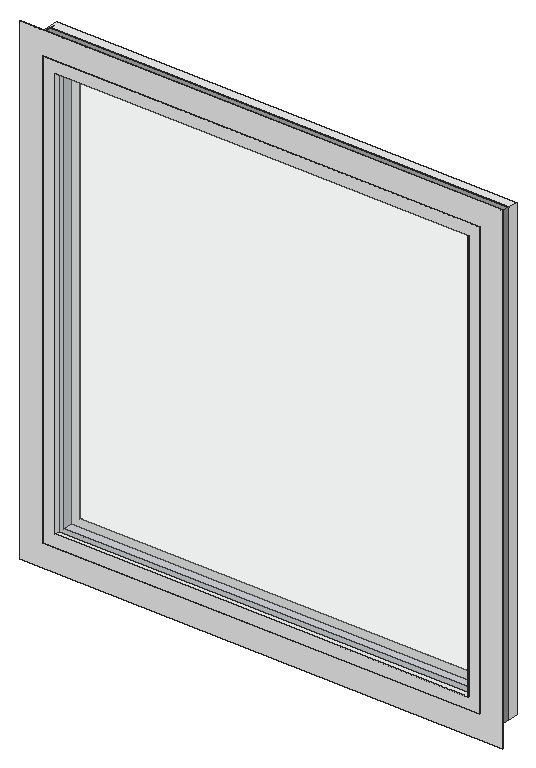
Revit family "Edge_TB42_B_Side_Hung_Custom", category Windows, host Wall, Revit 2014
Parameters (values of type "Casement_Sash_DG")
  Width Sash [instance] = 30 mm
  Width Sash Inner = 15 mm
  Width Bead = 15 mm
  Top Hung [instance] = yes
  Thermal Break Material = Rubber, Black
  Thermal Break Length = 16 mm
  Side Hung Right [instance] = yes
  Side Hung Left [instance] = yes
  Sash Opening Width [instance] = 600 mm
  Sash Opening Height [instance] = 600 mm
  Sash Lip = 15 mm
  Sash Leg [instance] = (Depth Sash - Thermal Break Length) / 2  # 13 mm
  SG Bead Leg = 6.683 mm
  Glazing Material [instance] = Glass
  Glazing Offset = 5 mm
  DG Start Piece 2 [instance] = DG End Piece 1 + DG Gasket Thickness  # 24.158 mm
  DG Start Peice 1 [instance] = ((Depth Sash - (2 * DG Glazing Thickness) - DG Gasket Thickness) / 2) - (SG Bead Leg - Aluminium Thickness) / 2  # 5.758 mm
  DG Glazing Thickness [instance] = 6.4 mm
  DG Gasket Thickness = 12 mm  # constant formula
  DG Gasket Material [instance] = none
  Depth Sash [instance] = 42 mm
  DG End Piece 2 [instance] = DG Start Piece 2 + DG Glazing Thickness  # 30.558 mm
  DG End Piece 1 [instance] = DG Start Peice 1 + DG Glazing Thickness  # 12.158 mm
  Center Vertical Sash [instance] = Sash Opening Height / 2  # 300 mm
  Center Horizontal Sash [instance] = Sash Opening Width / 2  # 300 mm
  Bottom Hung [instance] = yes
  Bead Offset = 15 mm
  Aluminium Thickness = 1 mm
  Aluminium Material [instance] = White Powder Coated Aluminium
Reference planes
  plane 1 "Center (Front/Back)": y = 0
  plane 2: z = 0
  plane 3 "Center (Left/Right)": x = 0
Forms (mm)
  Sweep 1, solid, material "White Powder Coated Aluminium" <- "Aluminium Material"
    path origin (16.177, 0, 121.331) x (1, 0, 0) y (0, 0, 1)
      loop
        line (0, 0) -> (600, 0) -> (600, 600) -> (0, 600) -> (0, 0)
    profile origin (316.177, 0, 121.331) x (0, 0, 1) y (0, -1, 0)
      loop
        line (0, 0) -> (30, 0) -> (30, 1) -> (15, 1) -> (15, 13) -> (14, 13) -> (14, 1) -> (1, 1) -> (1, 13) -> (0, 13) -> (0, 0)
      loop
        line (15, 42) -> (-15, 42) -> (-15, 41) -> (0, 41) -> (0, 29) -> (1, 29) -> (1, 41) -> (14, 41) -> (14, 29) -> (15, 29) -> (15, 42)
  Sweep 2, solid, material "White Powder Coated Aluminium" <- "Aluminium Material"
    path origin (0, 0, 0) x (1, 0, 0) y (0, 0, 1)
      loop
        line (31.177, 706.331) -> (31.177, 136.331) -> (601.177, 136.331) -> (601.177, 706.331) -> (31.177, 706.331)
    profile origin (316.177, 0, 706.331) x (0, 0, 1) y (0, -1, 0)
      loop
        line (0, 41) -> (0, 42) -> (-15, 42) -> (-15, 35.317) -> (-14, 35.317) -> (-14, 41) -> (0, 41)
  Extrusion 3, solid, material "Glass" <- "Glazing Material"
    sketch origin (0, 0, 0) x (1, 0, 0) y (0, 0, 1)
      loop
        line (36.177, 701.331) -> (36.177, 141.331) -> (596.177, 141.331) -> (596.177, 701.331) -> (36.177, 701.331)
    from 5.758 <- "DG Start Peice 1" to 12.158 <- "DG End Piece 1"
  Extrusion 4, solid, material "Glass" <- "Glazing Material"
    sketch origin (0, 0, 0) x (1, 0, 0) y (0, 0, 1)
      loop
        line (36.177, 701.331) -> (36.177, 141.331) -> (596.177, 141.331) -> (596.177, 701.331) -> (36.177, 701.331)
    from 30.558 <- "DG End Piece 2" to 24.158 <- "DG Start Piece 2"
  Sweep 5, solid, material <- "DG Gasket Material"
    path origin (0, -12.158, 0) x (1, 0, 0) y (0, 0, 1)
      loop
        line (36.177, 701.331) -> (36.177, 141.331) -> (596.177, 141.331) -> (596.177, 701.331) -> (36.177, 701.331)
    profile origin (316.177, -12.158, 701.331) x (0, 0, 1) y (0, -1, 0)
      loop
        line (0, 0) -> (0, 12) -> (-7.96, 12) -> (-7.96, 0) -> (0, 0)
  Sweep 6, solid, material "Rubber, Black" <- "Thermal Break Material"
    path origin (16.177, -13, 121.331) x (1, 0, 0) y (0, 0, 1)
      loop
        line (-15, 615) -> (-15, -15) -> (615, -15) -> (615, 615) -> (-15, 615)
    profile origin (316.177, -13, 736.331) x (0, 0, 1) y (0, -1, 0)
      loop
        line (-15, 16) -> (-16, 16) -> (-16, 0) -> (-15, 0) -> (-15, 16)
      loop
        line (-29, 16) -> (-30, 16) -> (-30, 0) -> (-29, 0) -> (-29, 16)
Lines and regions (mm)
  model lines
    curve 1: line (1.177, -42, 736.331) -> (31.177, -42, 706.331)
    curve 2: line (601.177, -42, 706.331) -> (631.177, -42, 736.331)
    curve 3: line (601.177, -42, 136.331) -> (631.177, -42, 106.331)
    curve 4: line (1.177, -42, 106.331) -> (31.177, -42, 136.331)
    curve 5: line (631.177, -41, 736.331) -> (616.177, -41, 721.331)
    curve 6: line (1.177, -41, 736.331) -> (16.177, -41, 721.331)
    curve 7: line (1.177, -41, 106.331) -> (16.177, -41, 121.331)
    curve 8: line (631.177, -41, 106.331) -> (616.177, -41, 121.331)
    curve 9: line (616.177, 0, 121.331) -> (586.177, 0, 151.331)
    curve 10: line (46.177, 0, 151.331) -> (16.177, 0, 121.331)
    curve 11: line (616.177, 0, 721.331) -> (586.177, 0, 691.331)
    curve 12: line (46.177, 0, 691.331) -> (16.177, 0, 721.331)
    curve 13: line (31.177, -42, 691.331) -> (46.177, -42, 691.331)
    curve 14: line (586.177, -42, 691.331) -> (601.177, -42, 691.331)
    curve 15: line (586.177, -42, 151.331) -> (601.177, -42, 151.331)
    curve 16: line (31.177, -42, 151.331) -> (46.177, -42, 151.331)
  model lines, style "GenericModelHiddenLines", visible <- "Top Hung"
    curve 17: line (46.386, -30.558, 690.602) -> (316.177, -30.558, 151.331)
    curve 18: line (316.177, -30.558, 151.331) -> (586.177, -30.558, 691.018)
  model lines, style "GenericModelHiddenLines", visible <- "Bottom Hung"
    curve 19: line (46.177, -30.558, 151.331) -> (316.177, -30.558, 691.018)
    curve 20: line (316.177, -30.558, 691.018) -> (586.177, -30.558, 151.331)
  model lines, style "GenericModelHiddenLines", visible <- "Side Hung Left"
    curve 21: line (46.386, -30.558, 690.602) -> (585.24, -30.558, 421.331)
    curve 22: line (585.24, -30.558, 421.331) -> (46.177, -30.558, 151.331)
  model lines, style "GenericModelHiddenLines", visible <- "Side Hung Right"
    curve 23: line (586.177, -30.558, 691.018) -> (46.177, -30.558, 421.331)
    curve 24: line (46.177, -30.558, 421.331) -> (586.177, -30.558, 151.331)
Dimensions and locks
  "Aluminium Thickness": Sweep 1 sketch curve to Sweep 1 sketch curve  (x6)
  "Depth Sash": Sweep 1 sketch curve to Sweep 1 sketch curve
  "Sash Opening Width": Sweep 1 to Sweep 1
  "Sash Opening Height": Sweep 1 to Sweep 1
  "Width Sash": Sweep 1 sketch curve to Sweep 1 sketch curve  (x2)
  "Width Sash Inner": Sweep 1 sketch curve to Sweep 1 sketch curve
  "Sash Lip": Sweep 1 sketch curve to Sweep 1 sketch curve
  "Glazing Offset": Sweep 2 to Extrusion 3 sketch curve  (x3)
  "Glazing Offset": Extrusion 3 sketch curve to Sweep 2
  Sweep 1 to Sweep 1 = 1 mm
  "Width Bead": Sweep 2 sketch curve to Sweep 2 sketch curve
  locked: Sweep 5 sketch curve to Sweep 5 sketch curve at 7.96
  "Center Horizontal Sash": Sweep 1 to curve 18
  "Center Horizontal Sash": Sweep 1 to curve 20
  "Center Vertical Sash": Sweep 1 to curve 22
  "Center Vertical Sash": Sweep 1 to curve 24
  "Sash Leg": Sweep 1 sketch curve to Sweep 1 sketch curve
  "Aluminium Thickness": Sweep 2 sketch curve to Sweep 2 sketch curve  (x2)
  "SG Bead Leg": Sweep 2 sketch curve to Sweep 2 sketch curve
  aligned and locked: level to plane 2
  aligned and locked: Sweep 1 sketch curve to Sweep 1 sketch curve  (x3)
  aligned and locked: Sweep 2 sketch curve to Sweep 1  (x4)
  aligned and locked: Sweep 1 to Sweep 2 sketch curve  (x2)
  aligned and locked: Extrusion 4 sketch curve to Extrusion 3  (x4)
  aligned and locked: Sweep 5 sketch curve to Extrusion 3  (x5)
  aligned and locked: Extrusion 3 to Sweep 5 sketch curve
  aligned and locked: Sweep 6 sketch curve to Sweep 1  (x10)
  aligned and locked: Sweep 1 to Sweep 6 sketch curve  (x2)
Automatic sketch dimensions
  plane 3 "Center (Left/Right)" to Sweep 1 sketch curve = 16.177 mm
  level to Sweep 1 sketch curve = 121.331 mm
  plane 3 "Center (Left/Right)" to Sweep 1 sketch curve = 616.177 mm
  level to Sweep 1 sketch curve = 721.331 mm
  profile plane to Sweep 5 sketch curve = 12 mm
  curve 7 to Sweep 1 = 0 mm  (x4)
  curve 6 to Sweep 1 = 0 mm  (x3)
  Sweep 1 to curve 6 = 0 mm
  curve 5 to Sweep 1 = 0 mm  (x3)
  curve 8 to Sweep 1 = 0 mm  (x4)
  Sweep 1 to curve 5 = 0 mm
  curve 16 to Sweep 2 = 0 mm  (x3)
  curve 13 to Sweep 2 = 0 mm  (x3)
  curve 15 to Sweep 2 = 0 mm
  Sweep 2 to curve 15 = 0 mm  (x2)
  curve 14 to Sweep 2 = 0 mm  (x2)
  Sweep 2 to curve 14 = 0 mm
  curve 1 to Sweep 1 = 0 mm  (x4)
  curve 4 to Sweep 1 = 0 mm  (x4)
  curve 2 to Sweep 1 = 0 mm  (x4)
  curve 3 to Sweep 1 = 0 mm  (x2)
  Sweep 1 to curve 3 = 0 mm  (x2)
  curve 10 to Sweep 1 = 0 mm  (x4)
  curve 12 to Sweep 1 = 0 mm  (x2)
  Sweep 1 to curve 12 = 0 mm  (x2)
  curve 11 to Sweep 1 = 0 mm  (x4)
  curve 9 to Sweep 1 = 0 mm  (x4)
  profile plane to Sweep 1 sketch curve = 0 mm  (x2)
  Sweep 1 sketch curve to plane 1 "Center (Front/Back)" = 0 mm
  Sweep 1 sketch curve to Sweep 1 sketch curve = 13 mm
  Sweep 1 sketch curve to Sweep 1 sketch curve = 12 mm  (x2)
  curve 21 to Extrusion 4 = 10.208 mm
  curve 19 to Extrusion 4 = 10 mm
  curve 23 to Extrusion 4 = 10 mm  (x2)
  curve 22 to Extrusion 4 = 10.937 mm
  curve 20 to Extrusion 4 = 10 mm
  curve 24 to Extrusion 4 = 10 mm
  curve 22 to Extrusion 4 = 10 mm
  curve 18 to Extrusion 4 = 10 mm
  curve 21 to Extrusion 4 = 10.729 mm
  curve 19 to Extrusion 4 = 10.312 mm
  curve 18 to Extrusion 4 = 10.312 mm
